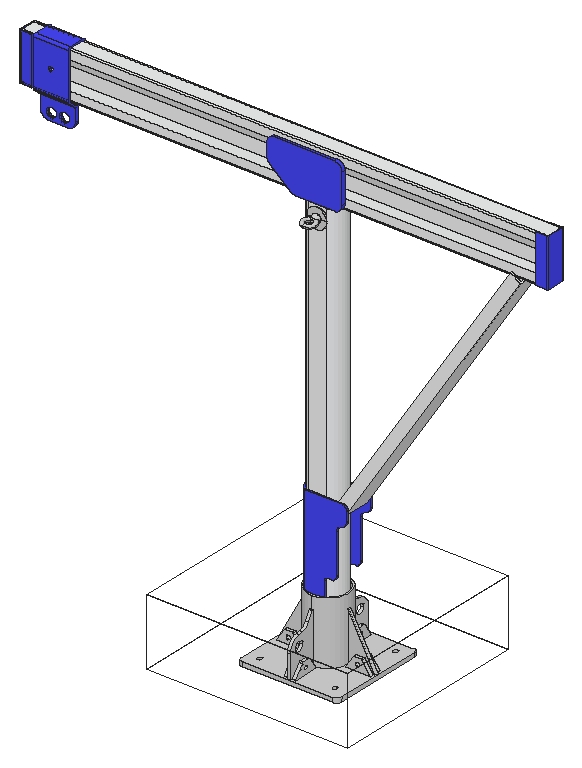
Revit family "FallProtection_DavitBase_Kattsafe_FloorMount_AdhesiveFixed_LowProfile", category Specialty Equipment, Revit 2025
Family settings
  Round Connector Dimension = Use Diameter
  Part Type = Normal
  OmniClass Number = 23.27.71.21
  Work Plane-Based = No
  Enable Cutting in Views = No
  Always vertical = Yes
  Cut with Voids When Loaded = No
  Maintain Annotation Orientation = No
  Shared = No
  Room Calculation Point = No
Parameters (values of type "1000mm Reach - 1600H (OH510.1600 + OH523 + OH254)")
  Uniclass2015Version = "Products v1.23"
  Uniclass2015Title = "Davit arms"
  Uniclass2015Code = "Pr_40_70_75_21"
  URL = "https://kattsafe.com.au/"
  Type IFC Predefined Type = "USERDEFINED"
  Type Comments = "1000mm Reach - 1600mm Height Clearance - Min. 200mm Slab Req."
  SafetyDisclaimer [instance] = "WARNING! The correct placement of access, fall protection and facade maintenance systems is critical to ensure it is fit-for-purpose and safe for the operator to use. Did you know Kattsafe® have a dedicated team of Height Safety System Design Specialists? Kattsafe® provide one-on-one consultation and system design assistance to ensure you are meeting the stringent requirements of height safety and to give you PEACE OF MIND with your project."  # constant formula
  RightOffset = 907 mm
  RequiredSpace [instance] = yes
  OperationalRangeVis [instance] = yes
  OperationalRangeRadius = 1070 mm
  OperationalRangeOA = 1199 mm
  ModifiedIssue = 20240430
  Model = "OH510.1600 + OH523 + OH254"
  ManufacturerURLProductSpecific = "https://kattsafe.com.au/products/davits-needles/davits"
  ManufacturerSpecCode = Model  # "OH510.1600 + OH523 + OH254"
  ManufacturerOverallWidth = 2106 mm
  ManufacturerOverallHeight = 1850 mm
  ManufacturerOverallDepth = 400 mm
  ManufacturerHeightFromFFL [instance] = 0 mm
  Manufacturer = "Kattsafe®"  # constant formula
  IfcExportType = "USERDEFINED"
  IfcExportAs = "IfcBuildingElementProxy"
  Export Type to IFC As = "IfcBuildingElementProxy"
  ElementType = "Fall Protection"
  Description = "Kattsafe davits are designed as a cantilevered anchorage device over balustrades, parapets and curtain walls for rope access work."  # constant formula
  Default Elevation = 0 mm
  DavitArmVis = yes
  CreatedByURL = "https://igsgroup.com.au"
  CreatedBy = "IGS BIM Solutions"  # constant formula
  BaseMaterial = Steel_Stainless_Kattsafe_Satin
  Assembly Code = "E1090100"
  ArmWidth = 2106 mm
  ArmVerticalOffset [instance] = ManufacturerHeightFromFFL + 50 mm  # 50 mm
  ArmMaterial = Aluminum_Kattsafe_Satin
  ArmHeight = 1800 mm
  ArmBracketMaterial = Steel_PowderCoat_Kattsafe_Blue
Reference planes
  plane 1 "Center (Front/Back)": y = 0
  plane 2 "Ref. Level": z = 0
  plane 3 "Base Centre (Left/Right)": x = 0
  plane 4 "Back": y = 200
  plane 5 "Front": y = -200
  plane 6 "BaseRight": x = 200
  plane 7 "BaseLeft": x = -200
  plane 8 "Bottom": z = 0
  plane 9 "BaseTop": z = 266
  plane 10 "BaseFinTop": z = 216
  plane 11 "BaseFinHoles": z = 116
  plane 12 "Top": z = 1850
  plane 13 "Right": x = 907
  plane 14 "Left": x = -1199
  plane 15 "BaseFinBottom": z = 16
  plane 16 "BaseLockTop": z = 65
  plane 17 "BaseLockCentre": z = 41
Forms (mm)
  Extrusion 1, solid, material "Steel_Stainless_Kattsafe_Satin" <- "BaseMaterial"
    sketch origin (0, 0, 0) x (0, -1, 0) y (1, 0, 0)
      loop
        arc (-200, -180) -> (-194.142, -194.142) -> (-180, -200) r 20
        line (-180, -200) -> (180, -200)
        arc (180, -200) -> (194.142, -194.142) -> (200, -180) r 20
        line (200, -180) -> (200, 180)
        arc (200, 180) -> (194.142, 194.142) -> (180, 200) r 20
        line (180, 200) -> (-180, 200)
        arc (-180, 200) -> (-194.142, 194.142) -> (-200, 180) r 20
        line (-200, 180) -> (-200, -180)
      loop
        circle (150, -150) r 9
      loop
        circle (-150, -150) r 9
      loop
        circle (150, 150) r 9
      loop
        circle (-150, 150) r 9
    from 0 to 16
  Extrusion 2, solid, material "Steel_Stainless_Kattsafe_Satin" <- "BaseMaterial"
    sketch origin (0, 0, 0) x (0, -1, 0) y (1, 0, 0)
      loop
        circle (0, 0) r 77.15
      loop
        circle (0, 0) r 82.55
    from 266 to 16
  Extrusion 3, solid, material "Steel_Stainless_Kattsafe_Satin" <- "BaseMaterial"
    sketch origin (0, 0, 0) x (1, 0, 0) y (0, 0, 1)
      loop
        line (82.55, 216) -> (79.577, 216) -> (79.577, 16) -> (192.5, 16) -> (82.55, 216)
      loop
        circle (137.55, 41) r 9.2
      loop
        line (-82.55, 216) -> (-192.5, 16) -> (-79.577, 16) -> (-79.577, 216) -> (-82.55, 216)
      loop
        circle (-137.55, 41) r 9.2
    from -6 to 6
  Extrusion 4, solid, material "Steel_Stainless_Kattsafe_Satin" <- "BaseMaterial"
    sketch origin (0, 0, 0) x (0, 1, 0) y (0, 0, 1)
      loop
        line (192.768, 16) -> (192.768, 108.211)
        arc (192.768, 108.211) -> (180.504, 141.014) -> (149.727, 157.725) r 50
        line (149.727, 157.725) -> (134.969, 159.799)
        arc (134.969, 159.799) -> (116.068, 167.054) -> (102.26, 181.861) r 45
        line (102.26, 181.861) -> (82.55, 216) -> (79.577, 216) -> (79.577, 16) -> (192.768, 16)
      loop
        line (-192.768, 16) -> (-79.577, 16) -> (-79.577, 216) -> (-82.55, 216) -> (-102.26, 181.861)
        arc (-102.26, 181.861) -> (-116.068, 167.054) -> (-134.969, 159.799) r 45
        line (-134.969, 159.799) -> (-149.727, 157.725)
        arc (-149.727, 157.725) -> (-180.504, 141.014) -> (-192.768, 108.211) r 50
        line (-192.768, 108.211) -> (-192.768, 16)
      loop
        circle (-152, 116) r 20
      loop
        circle (152, 116) r 20
      loop
        circle (-137.55, 41) r 9.2
      loop
        circle (137.55, 41) r 9.2
    from -6 to 6
  Extrusion 5, solid, material "RequiredSpace_Kattsafe", visible <- "RequiredSpace"
    sketch origin (0, 0, 0) x (0, -1, 0) y (1, 0, 0)
      loop
        line (-400, -400) -> (400, -400) -> (400, 400) -> (-400, 400) -> (-400, -400)
    from 0 to 266
  Extrusion 6, solid, material "Steel_Stainless_Kattsafe_Satin" <- "BaseMaterial"
    sketch origin (0, 0, 0) x (1, 0, 0) y (0, 0, 1)
      loop
        line (-154.681, 62.868) -> (-187.498, 16) -> (-87.502, 16) -> (-120.319, 62.868)
        arc (-120.319, 62.868) -> (-122.106, 64.435) -> (-124.415, 65) r 5
        line (-124.415, 65) -> (-150.585, 65)
        arc (-150.585, 65) -> (-152.894, 64.435) -> (-154.681, 62.868) r 5
      loop
        arc (154.681, 62.868) -> (152.894, 64.435) -> (150.585, 65) r 5
        line (150.585, 65) -> (124.415, 65)
        arc (124.415, 65) -> (122.106, 64.435) -> (120.319, 62.868) r 5
        line (120.319, 62.868) -> (87.502, 16) -> (187.498, 16) -> (154.681, 62.868)
      loop
        circle (-137.55, 41) r 9.2
      loop
        circle (137.55, 41) r 9.2
    from 22.5 to 10.5
  Extrusion 7, solid, material "Steel_Stainless_Kattsafe_Satin" <- "BaseMaterial"
    sketch origin (0, 0, 0) x (1, 0, 0) y (0, 0, 1)
      loop
        line (-154.681, 62.868) -> (-187.498, 16) -> (-87.502, 16) -> (-120.319, 62.868)
        arc (-120.319, 62.868) -> (-122.106, 64.435) -> (-124.415, 65) r 5
        line (-124.415, 65) -> (-150.585, 65)
        arc (-150.585, 65) -> (-152.894, 64.435) -> (-154.681, 62.868) r 5
      loop
        arc (154.681, 62.868) -> (152.894, 64.435) -> (150.585, 65) r 5
        line (150.585, 65) -> (124.415, 65)
        arc (124.415, 65) -> (122.106, 64.435) -> (120.319, 62.868) r 5
        line (120.319, 62.868) -> (87.502, 16) -> (187.498, 16) -> (154.681, 62.868)
      loop
        circle (-137.55, 41) r 9.2
      loop
        circle (137.55, 41) r 9.2
    from -22.5 to -10.5
  Extrusion 8, solid, material "Steel_Stainless_Kattsafe_Satin" <- "BaseMaterial"
    sketch origin (0, 0, 0) x (0, 1, 0) y (0, 0, 1)
      loop
        line (-154.681, 62.868) -> (-187.498, 16) -> (-87.502, 16) -> (-120.319, 62.868)
        arc (-120.319, 62.868) -> (-122.106, 64.435) -> (-124.415, 65) r 5
        line (-124.415, 65) -> (-150.585, 65)
        arc (-150.585, 65) -> (-152.894, 64.435) -> (-154.681, 62.868) r 5
      loop
        arc (154.681, 62.868) -> (152.894, 64.435) -> (150.585, 65) r 5
        line (150.585, 65) -> (124.415, 65)
        arc (124.415, 65) -> (122.106, 64.435) -> (120.319, 62.868) r 5
        line (120.319, 62.868) -> (87.502, 16) -> (187.498, 16) -> (154.681, 62.868)
      loop
        circle (-137.55, 41) r 9.2
      loop
        circle (137.55, 41) r 9.2
    from 22.5 to 10
  Extrusion 9, solid, material "Steel_Stainless_Kattsafe_Satin" <- "BaseMaterial"
    sketch origin (0, 0, 0) x (0, 1, 0) y (0, 0, 1)
      loop
        line (-154.681, 62.868) -> (-187.498, 16) -> (-87.502, 16) -> (-120.319, 62.868)
        arc (-120.319, 62.868) -> (-122.106, 64.435) -> (-124.415, 65) r 5
        line (-124.415, 65) -> (-150.585, 65)
        arc (-150.585, 65) -> (-152.894, 64.435) -> (-154.681, 62.868) r 5
      loop
        arc (154.681, 62.868) -> (152.894, 64.435) -> (150.585, 65) r 5
        line (150.585, 65) -> (124.415, 65)
        arc (124.415, 65) -> (122.106, 64.435) -> (120.319, 62.868) r 5
        line (120.319, 62.868) -> (87.502, 16) -> (187.498, 16) -> (154.681, 62.868)
      loop
        circle (-137.55, 41) r 9.2
      loop
        circle (137.55, 41) r 9.2
    from -22.5 to -10
Cuts and joins
  joined: Extrusion 2, Extrusion 3, Extrusion 4
  joined: Extrusion 1, Extrusion 6, Extrusion 7, Extrusion 8, Extrusion 9
Lines and regions (mm)
  Masking region 1
    outline origin (0, 0, 16) x (0, -1, 0) y (1, 0, 0)
      loop
        arc (-200, -180) -> (-194.142, -194.142) -> (-180, -200) r 20
        line (-180, -200) -> (180, -200)
        arc (180, -200) -> (194.142, -194.142) -> (200, -180) r 20
        line (200, -180) -> (200, 180)
        arc (200, 180) -> (194.142, 194.142) -> (180, 200) r 20
        line (180, 200) -> (-180, 200)
        arc (-180, 200) -> (-194.142, 194.142) -> (-200, 180) r 20
        line (-200, 180) -> (-200, -180)
  symbolic lines, style "Required Space", visible <- "RequiredSpace"
    curve 1: line (-400, 400, 0) -> (400, 400, 0)
    curve 2: line (400, 400, 0) -> (400, 50, 0)
    curve 3: line (-400, -400, 0) -> (400, -400, 0)
    curve 4: line (400, -400, 0) -> (400, -50, 0)
    curve 5: line (-400, -400, 0) -> (-400, -35, 0)
    curve 6: line (-400, 400, 0) -> (-400, 35, 0)
    curve 7: line (-400, 0, 266) -> (400, 0, 266)
    curve 8: line (-400, 0, 0) -> (-400, 0, 266)
    curve 9: line (400, 0, 0) -> (-400, 0, 0)
    curve 10: line (400, 0, 266) -> (400, 0, 0)
    curve 11: line (0, 400, 266) -> (0, -400, 266)
    curve 12: line (0, 400, 0) -> (0, 400, 266)
    curve 13: line (0, -400, 0) -> (0, 400, 0)
    curve 14: line (0, -400, 266) -> (0, -400, 0)
  symbolic lines, style "Fall Arrest Systems", detail levels fine
    curve 15: circle (0, 0, 16) r 77.15 normal (0, 0, 1)
    curve 20: line (10, -187.498, 16) -> (10, -87.502, 16)
    curve 21: line (22.5, -187.498, 16) -> (22.5, -87.502, 16)
    curve 22: line (10, -187.498, 16) -> (22.5, -187.498, 16)
    curve 23: line (-10, -187.498, 16) -> (-10, -87.502, 16)
    curve 24: line (-22.5, -187.498, 16) -> (-22.5, -87.502, 16)
    curve 25: line (-10, -187.498, 16) -> (-22.5, -187.498, 16)
    curve 26: circle (-150, -150, 16) r 9 normal (0, 0, -1)
    curve 27: circle (150, -150, 16) r 9 normal (0, 0, 1)
    curve 28: circle (-150, 150, 16) r 9 normal (0, 0, 1)
    curve 29: circle (150, 150, 16) r 9 normal (0, 0, -1)
    curve 30: line (10, -87.502, 16) -> (22.5, -87.502, 16)
    curve 31: line (-10, -87.502, 16) -> (-22.5, -87.502, 16)
    curve 35: line (10, 187.498, 16) -> (10, 87.502, 16)
    curve 36: line (22.5, 187.498, 16) -> (22.5, 87.502, 16)
    curve 37: line (10, 187.498, 16) -> (22.5, 187.498, 16)
    curve 38: line (-10, 187.498, 16) -> (-10, 87.502, 16)
    curve 39: line (-22.5, 187.498, 16) -> (-22.5, 87.502, 16)
    curve 40: line (-10, 187.498, 16) -> (-22.5, 187.498, 16)
    curve 41: line (10, 87.502, 16) -> (22.5, 87.502, 16)
    curve 42: line (-10, 87.502, 16) -> (-22.5, 87.502, 16)
    curve 46: line (187.498, -10, 16) -> (87.502, -10, 16)
    curve 47: line (187.498, -22.5, 16) -> (87.502, -22.5, 16)
    curve 48: line (187.498, -10, 16) -> (187.498, -22.5, 16)
    curve 49: line (187.498, 10, 16) -> (87.502, 10, 16)
    curve 50: line (187.498, 22.5, 16) -> (87.502, 22.5, 16)
    curve 51: line (187.498, 10, 16) -> (187.498, 22.5, 16)
    curve 52: line (87.502, -10, 16) -> (87.502, -22.5, 16)
    curve 53: line (87.502, 10, 16) -> (87.502, 22.5, 16)
    curve 57: line (-187.498, -10, 16) -> (-87.502, -10, 16)
    curve 58: line (-187.498, -22.5, 16) -> (-87.502, -22.5, 16)
    curve 59: line (-187.498, -10, 16) -> (-187.498, -22.5, 16)
    curve 60: line (-187.498, 10, 16) -> (-87.502, 10, 16)
    curve 61: line (-187.498, 22.5, 16) -> (-87.502, 22.5, 16)
    curve 62: line (-187.498, 10, 16) -> (-187.498, 22.5, 16)
    curve 63: line (-87.502, -10, 16) -> (-87.502, -22.5, 16)
    curve 64: line (-87.502, 10, 16) -> (-87.502, 22.5, 16)
  symbolic lines, style "Fall Arrest Systems", detail levels medium+fine
    curve 16: circle (0, 0, 16) r 82.55 normal (0, 0, 1)
    curve 17: line (-6, -192.768, 16) -> (6, -192.768, 16)
    curve 18: line (6, -192.768, 16) -> (6, -82.332, 16)
    curve 19: line (-6, -82.332, 16) -> (-6, -192.768, 16)
    curve 32: line (-6, 192.768, 16) -> (6, 192.768, 16)
    curve 33: line (6, 192.768, 16) -> (6, 82.332, 16)
    curve 34: line (-6, 82.332, 16) -> (-6, 192.768, 16)
    curve 43: line (192.768, 6, 16) -> (192.768, -6, 16)
    curve 44: line (192.768, -6, 16) -> (82.332, -6, 16)
    curve 45: line (82.332, 6, 16) -> (192.768, 6, 16)
    curve 54: line (-192.768, 6, 16) -> (-192.768, -6, 16)
    curve 55: line (-192.768, -6, 16) -> (-82.332, -6, 16)
    curve 56: line (-82.332, 6, 16) -> (-192.768, 6, 16)
Text (mm)
  text "Disclaimer:\nDue to ongoing product development and manufacturing \nevolution, product details are subject to change without \nnotice. Please refer to product technical data sheets on \nthe manufacturers website for the most current product \ninformation. Please allow a +/- 5mm manufacturing \ntolerance for dimensions and set-outs shown in product \nliterature." at (1573.542, 159.228, 0), in view "Ref. Level"
Dimensions and locks
  equal spacing: plane 7 "BaseLeft", plane 3 "Base Centre (Left/Right)", plane 6 "BaseRight"
  equal spacing: plane 5 "Front", plane 1 "Center (Front/Back)", plane 4 "Back"
  "ManufacturerOverallDepth": plane 5 "Front" to plane 4 "Back"
  "ManufacturerHeightFromFFL": plane 8 "Bottom" to plane 2 "Ref. Level"
  locked: plane 9 "BaseTop" to plane 8 "Bottom" at 266
  "ManufacturerOverallHeight": plane 12 "Top" to plane 8 "Bottom"
  locked: plane 11 "BaseFinHoles" to plane 8 "Bottom" at 116
  locked: plane 10 "BaseFinTop" to plane 11 "BaseFinHoles" at 100
  "ManufacturerOverallWidth": plane 14 "Left" to plane 13 "Right"
  "RightOffset": plane 3 "Base Centre (Left/Right)" to plane 13 "Right"
  plane 7 "BaseLeft" to plane 6 "BaseRight" = 400 mm
  locked: plane 15 "BaseFinBottom" to plane 8 "Bottom" at 16
  locked: plane 16 "BaseLockTop" to plane 15 "BaseFinBottom" at 49
  locked: plane 16 "BaseLockTop" to plane 17 "BaseLockCentre" at 24
  aligned and locked: level to plane 2 "Ref. Level"
  aligned and locked: Extrusion 3 sketch curve to plane 10 "BaseFinTop"
  aligned and locked: plane 11 "BaseFinHoles" to Extrusion 4 sketch curve
  aligned and locked: Extrusion 2 to plane 9 "BaseTop"
  aligned and locked: curve 9 to plane 8 "Bottom"
  aligned and locked: plane 8 "Bottom" to Extrusion 5
  aligned and locked: Extrusion 5 to plane 9 "BaseTop"
  aligned and locked: plane 9 "BaseTop" to curve 7
  aligned and locked: plane 9 "BaseTop" to curve 11
  aligned and locked: Extrusion 6 sketch curve to plane 15 "BaseFinBottom"
  aligned and locked: plane 15 "BaseFinBottom" to Extrusion 6 sketch curve
  aligned and locked: plane 16 "BaseLockTop" to Extrusion 6 sketch curve
  aligned and locked: Extrusion 6 sketch curve to plane 16 "BaseLockTop"
  aligned and locked: Extrusion 7 sketch curve to plane 15 "BaseFinBottom"
  aligned and locked: plane 15 "BaseFinBottom" to Extrusion 7 sketch curve
  aligned and locked: plane 16 "BaseLockTop" to Extrusion 7 sketch curve
  aligned and locked: Extrusion 7 sketch curve to plane 16 "BaseLockTop"
  aligned and locked: Extrusion 4 sketch curve to plane 15 "BaseFinBottom"
  aligned and locked: plane 15 "BaseFinBottom" to Extrusion 4 sketch curve
  aligned and locked: Extrusion 8 sketch curve to plane 15 "BaseFinBottom"
  aligned and locked: plane 15 "BaseFinBottom" to Extrusion 8 sketch curve
  aligned and locked: Extrusion 8 sketch curve to plane 16 "BaseLockTop"
  aligned and locked: plane 16 "BaseLockTop" to Extrusion 8 sketch curve
  aligned and locked: Extrusion 9 sketch curve to plane 15 "BaseFinBottom"
  aligned and locked: Extrusion 9 sketch curve to plane 16 "BaseLockTop"
  aligned and locked: plane 15 "BaseFinBottom" to Extrusion 9 sketch curve
  aligned and locked: plane 16 "BaseLockTop" to Extrusion 9 sketch curve
  aligned and locked: plane 8 "Bottom" to curve 13
  aligned and locked: plane 17 "BaseLockCentre" to Extrusion 4 sketch curve  (x2)
Automatic sketch dimensions
  plane 5 "Front" to curve 11 = 200 mm
  curve 13 to plane 4 "Back" = 200 mm
  curve 9 to plane 7 "BaseLeft" = 200 mm
  plane 6 "BaseRight" to curve 9 = 200 mm
  plane 4 "Back" to Extrusion 1 sketch curve = 0 mm
  Extrusion 1 sketch curve to plane 7 "BaseLeft" = 0 mm
  Extrusion 1 sketch curve to plane 6 "BaseRight" = 0 mm
  plane 5 "Front" to Extrusion 1 sketch curve = 0 mm
  plane 4 "Back" to Extrusion 1 sketch curve = 20 mm  (x2)
  Extrusion 1 sketch curve to Extrusion 1 sketch curve = 30 mm  (x6)
  Extrusion 1 sketch curve to plane 5 "Front" = 50 mm  (x2)
  Extrusion 1 sketch curve to plane 5 "Front" = 20 mm  (x2)
  Extrusion 2 sketch curve to Extrusion 2 sketch curve = 0 mm  (x2)
  plane 1 "Center (Front/Back)" to Extrusion 2 sketch curve = 0 mm
  Extrusion 2 sketch curve to plane 3 "Base Centre (Left/Right)" = 0 mm
  Extrusion 5 sketch curve to plane 4 "Back" = 200 mm
  plane 5 "Front" to Extrusion 5 sketch curve = 200 mm
  Extrusion 5 sketch curve to plane 7 "BaseLeft" = 200 mm
  plane 6 "BaseRight" to Extrusion 5 sketch curve = 200 mm
  plane 7 "BaseLeft" to Extrusion 6 sketch curve = 12.502 mm
  plane 7 "BaseLeft" to Extrusion 6 sketch curve = 45.319 mm
  Extrusion 6 sketch curve to Extrusion 6 sketch curve = 4.096 mm  (x4)
  Extrusion 6 sketch curve to Extrusion 6 sketch curve = 13.035 mm
  Extrusion 6 sketch curve to Extrusion 6 sketch curve = 26.17 mm  (x2)
  Extrusion 6 sketch curve to Extrusion 6 sketch curve = 50.048 mm
  plane 3 "Base Centre (Left/Right)" to Extrusion 6 sketch curve = 87.502 mm
  Extrusion 6 sketch curve to Extrusion 6 sketch curve = 32.817 mm
  Extrusion 6 sketch curve to Extrusion 6 sketch curve = 13.135 mm
  Extrusion 6 sketch curve to plane 6 "BaseRight" = 12.502 mm
  Extrusion 6 sketch curve to Extrusion 6 sketch curve = 19 mm  (x4)
  Extrusion 6 sketch curve to Extrusion 6 sketch curve = 2.868 mm  (x2)
  plane 7 "BaseLeft" to Extrusion 7 sketch curve = 12.502 mm
  plane 7 "BaseLeft" to Extrusion 7 sketch curve = 45.319 mm
  Extrusion 7 sketch curve to Extrusion 7 sketch curve = 4.096 mm  (x4)
  Extrusion 7 sketch curve to Extrusion 7 sketch curve = 13.035 mm
  Extrusion 7 sketch curve to Extrusion 7 sketch curve = 26.17 mm  (x2)
  Extrusion 7 sketch curve to Extrusion 7 sketch curve = 50.048 mm
  plane 3 "Base Centre (Left/Right)" to Extrusion 7 sketch curve = 87.502 mm
  Extrusion 7 sketch curve to Extrusion 7 sketch curve = 32.817 mm
  Extrusion 7 sketch curve to Extrusion 7 sketch curve = 13.135 mm
  Extrusion 7 sketch curve to plane 6 "BaseRight" = 12.502 mm
  Extrusion 7 sketch curve to Extrusion 7 sketch curve = 19 mm  (x4)
  Extrusion 7 sketch curve to Extrusion 7 sketch curve = 2.868 mm  (x2)
  Extrusion 8 sketch curve to plane 5 "Front" = 12.502 mm
  Extrusion 8 sketch curve to plane 5 "Front" = 45.319 mm
  Extrusion 8 sketch curve to Extrusion 8 sketch curve = 4.096 mm  (x4)
  Extrusion 8 sketch curve to Extrusion 8 sketch curve = 13.035 mm
  Extrusion 8 sketch curve to Extrusion 8 sketch curve = 26.17 mm  (x2)
  Extrusion 8 sketch curve to Extrusion 8 sketch curve = 50.048 mm
  Extrusion 8 sketch curve to plane 1 "Center (Front/Back)" = 87.502 mm
  Extrusion 8 sketch curve to Extrusion 8 sketch curve = 32.817 mm
  Extrusion 8 sketch curve to Extrusion 8 sketch curve = 13.135 mm
  plane 4 "Back" to Extrusion 8 sketch curve = 12.502 mm
  Extrusion 8 sketch curve to Extrusion 8 sketch curve = 19 mm  (x4)
  Extrusion 8 sketch curve to Extrusion 8 sketch curve = 2.868 mm  (x2)
  Extrusion 9 sketch curve to plane 5 "Front" = 12.502 mm
  Extrusion 9 sketch curve to plane 5 "Front" = 45.319 mm
  Extrusion 9 sketch curve to Extrusion 9 sketch curve = 4.096 mm  (x4)
  Extrusion 9 sketch curve to Extrusion 9 sketch curve = 13.035 mm
  Extrusion 9 sketch curve to Extrusion 9 sketch curve = 26.17 mm  (x2)
  Extrusion 9 sketch curve to Extrusion 9 sketch curve = 50.048 mm
  Extrusion 9 sketch curve to plane 1 "Center (Front/Back)" = 87.502 mm
  Extrusion 9 sketch curve to Extrusion 9 sketch curve = 32.817 mm
  Extrusion 9 sketch curve to Extrusion 9 sketch curve = 13.135 mm
  plane 4 "Back" to Extrusion 9 sketch curve = 12.502 mm
  Extrusion 9 sketch curve to Extrusion 9 sketch curve = 19 mm  (x4)
  Extrusion 9 sketch curve to Extrusion 9 sketch curve = 2.868 mm  (x2)
  plane 10 "BaseFinTop" to Extrusion 4 sketch curve = 0 mm  (x2)
  plane 11 "BaseFinHoles" to Extrusion 4 sketch curve = 0 mm
  Extrusion 4 sketch curve to plane 5 "Front" = 7.232 mm
  Extrusion 4 sketch curve to Extrusion 4 sketch curve = 40.768 mm
  Extrusion 4 sketch curve to Extrusion 4 sketch curve = 2.273 mm
  Extrusion 4 sketch curve to Extrusion 4 sketch curve = 9.232 mm  (x2)
  plane 10 "BaseFinTop" to Extrusion 4 sketch curve = 11.639 mm  (x2)
  Extrusion 4 sketch curve to Extrusion 4 sketch curve = 8.496 mm
  Extrusion 4 sketch curve to Extrusion 4 sketch curve = 55.218 mm
  Extrusion 4 sketch curve to Extrusion 4 sketch curve = 14.758 mm  (x2)
  plane 10 "BaseFinTop" to Extrusion 4 sketch curve = 34.139 mm  (x2)
  Extrusion 4 sketch curve to Extrusion 4 sketch curve = 32.708 mm  (x2)
  Extrusion 4 sketch curve to Extrusion 4 sketch curve = 19.71 mm  (x2)
  Extrusion 4 sketch curve to Extrusion 4 sketch curve = 2.973 mm  (x2)
  Extrusion 4 sketch curve to plane 1 "Center (Front/Back)" = 79.577 mm
  plane 4 "Back" to Extrusion 4 sketch curve = 62.45 mm
  Extrusion 4 sketch curve to Extrusion 4 sketch curve = 6.263 mm
  plane 11 "BaseFinHoles" to Extrusion 4 sketch curve = 7.789 mm  (x2)
  Extrusion 4 sketch curve to Extrusion 4 sketch curve = 7.8 mm
  plane 4 "Back" to Extrusion 4 sketch curve = 7.232 mm
  Extrusion 3 sketch curve to plane 15 "BaseFinBottom" = 0 mm  (x3)
  Extrusion 3 sketch curve to plane 10 "BaseFinTop" = 0 mm
  plane 7 "BaseLeft" to Extrusion 3 sketch curve = 7.5 mm
  plane 16 "BaseLockTop" to Extrusion 3 sketch curve = 24 mm  (x2)
  Extrusion 3 sketch curve to Extrusion 3 sketch curve = 54.95 mm
  Extrusion 3 sketch curve to plane 3 "Base Centre (Left/Right)" = 82.55 mm
  Extrusion 3 sketch curve to Extrusion 3 sketch curve = 57.973 mm
  plane 3 "Base Centre (Left/Right)" to Extrusion 3 sketch curve = 79.577 mm
  Extrusion 3 sketch curve to Extrusion 3 sketch curve = 2.973 mm
  Extrusion 3 sketch curve to plane 6 "BaseRight" = 62.45 mm
  Extrusion 3 sketch curve to plane 6 "BaseRight" = 7.5 mm
  Extrusion 3 sketch curve to Extrusion 3 sketch curve = 0 mm
  curve 6 to plane 4 "Back" = 200 mm
  plane 5 "Front" to curve 5 = 200 mm
  curve 3 to plane 7 "BaseLeft" = 200 mm
  curve 6 to plane 7 "BaseLeft" = 200 mm
  plane 6 "BaseRight" to curve 2 = 200 mm
  plane 6 "BaseRight" to curve 3 = 200 mm
  curve 6 to plane 1 "Center (Front/Back)" = 35 mm
  curve 2 to plane 1 "Center (Front/Back)" = 50 mm
  plane 1 "Center (Front/Back)" to curve 5 = 35 mm
  plane 1 "Center (Front/Back)" to curve 4 = 50 mm
  curve 15 to curve 16 = 0 mm  (x2)
  plane 1 "Center (Front/Back)" to curve 16 = 0 mm
  curve 16 to plane 3 "Base Centre (Left/Right)" = 0 mm
  curve 43 to plane 1 "Center (Front/Back)" = 6 mm
  curve 54 to plane 1 "Center (Front/Back)" = 6 mm
  curve 53 to curve 45 = 4 mm
  curve 60 to curve 54 = 4 mm
  curve 50 to curve 49 = 12.5 mm
  curve 64 to curve 60 = 12.5 mm
  plane 3 "Base Centre (Left/Right)" to curve 41 = 22.5 mm
  curve 41 to plane 1 "Center (Front/Back)" = 87.502 mm
  curve 42 to curve 35 = 0 mm
  plane 4 "Back" to curve 28 = 50 mm
  plane 4 "Back" to curve 29 = 50 mm
  plane 4 "Back" to curve 40 = 12.502 mm
  plane 4 "Back" to curve 37 = 12.502 mm
  curve 34 to curve 38 = 5.27 mm
  plane 1 "Center (Front/Back)" to curve 54 = 6 mm
  plane 1 "Center (Front/Back)" to curve 43 = 6 mm
  curve 55 to curve 63 = 4 mm
  curve 43 to curve 46 = 4 mm
  curve 46 to curve 48 = 12.5 mm
  curve 57 to curve 59 = 12.5 mm
  curve 23 to plane 3 "Base Centre (Left/Right)" = 10 mm
  plane 1 "Center (Front/Back)" to curve 23 = 87.502 mm
  plane 3 "Base Centre (Left/Right)" to curve 30 = 10 mm
  curve 23 to curve 30 = 0 mm
  curve 26 to plane 5 "Front" = 50 mm
  curve 27 to plane 5 "Front" = 50 mm
  curve 21 to plane 5 "Front" = 12.502 mm
  curve 24 to plane 5 "Front" = 12.502 mm
  curve 23 to curve 19 = 5.27 mm
  curve 25 to curve 23 = 12.5 mm
  curve 39 to plane 3 "Base Centre (Left/Right)" = 22.5 mm
  curve 61 to plane 3 "Base Centre (Left/Right)" = 87.502 mm
  curve 63 to curve 60 = 0 mm
  plane 7 "BaseLeft" to curve 26 = 50 mm
  plane 7 "BaseLeft" to curve 28 = 50 mm
  plane 7 "BaseLeft" to curve 59 = 12.502 mm
  plane 7 "BaseLeft" to curve 61 = 12.502 mm
  curve 56 to curve 60 = 5.27 mm
  curve 40 to plane 3 "Base Centre (Left/Right)" = 10 mm
  curve 17 to plane 3 "Base Centre (Left/Right)" = 6 mm
  curve 32 to plane 3 "Base Centre (Left/Right)" = 6 mm
  plane 3 "Base Centre (Left/Right)" to curve 32 = 6 mm
  plane 3 "Base Centre (Left/Right)" to curve 17 = 6 mm
  curve 32 to curve 35 = 4 mm
  curve 20 to curve 21 = 12.5 mm
  plane 3 "Base Centre (Left/Right)" to curve 52 = 87.502 mm
  curve 53 to curve 46 = 0 mm
  curve 27 to plane 6 "BaseRight" = 50 mm
  curve 29 to plane 6 "BaseRight" = 50 mm
  curve 49 to plane 6 "BaseRight" = 12.502 mm
  curve 48 to plane 6 "BaseRight" = 12.502 mm
  curve 46 to curve 43 = 5.27 mm
  curve 35 to curve 33 = 5.17 mm
  plane 4 "Back" to Masking region 1 sketch curve = 0 mm
  Masking region 1 sketch curve to plane 7 "BaseLeft" = 0 mm
  Masking region 1 sketch curve to plane 6 "BaseRight" = 0 mm
  plane 5 "Front" to Masking region 1 sketch curve = 0 mm
  plane 4 "Back" to Masking region 1 sketch curve = 20 mm  (x2)
  Masking region 1 sketch curve to plane 5 "Front" = 20 mm
  Masking region 1 sketch curve to Masking region 1 sketch curve = 20 mm
  radius of Extrusion 1 sketch curve = 9 mm  (x4)
  radius of Extrusion 2 sketch curve = 77.15 mm
  radius of Extrusion 2 sketch curve = 82.55 mm
  radius of Extrusion 6 sketch curve = 9.2 mm  (x2)
  radius of Extrusion 7 sketch curve = 9.2 mm  (x2)
  radius of Extrusion 8 sketch curve = 9.2 mm  (x2)
  radius of Extrusion 9 sketch curve = 9.2 mm  (x2)
  radius of Extrusion 4 sketch curve = 20 mm  (x2)
  radius of Extrusion 4 sketch curve = 9.2 mm  (x2)
  radius of Extrusion 3 sketch curve = 9.2 mm  (x2)
  radius of curve 15 = 77.15 mm
  radius of curve 26 = 9 mm
  radius of curve 27 = 9 mm
  radius of curve 28 = 9 mm
  radius of curve 29 = 9 mm
Nested families
  nested 1: "Ropeaccess_Davitarm_Kattsafe" at (607, 0, 50), visible <- "DavitArmVis", built-in parameter 1001364 <- "ArmVerticalOffset", ManufacturerOverallHeight <- "ArmHeight", ManufacturerOverallWidth <- "ArmWidth", type "Type 1"
    with ManufacturerOverallWidth 2106 mm, ManufacturerOverallHeight 1800 mm, ManufacturerHeightFromFFL 0 mm
  nested 2: "OperationalReach_DavitArm_Kattsafe" at (0, 0, 0) x (-0.7071, -0.7071, 0) z (0, 0, -1), OperationalReach <- "OperationalRangeOA", visible <- "OperationalRangeVis", CircleRadius <- "OperationalRangeRadius", type "Type 1"
    with OperationalReach 1199 mm, CircleVis yes, CircleRadius 1070 mm
  nested 3: "OperationalReach_DavitArm_Kattsafe" at (0, 0, 0) x (0.7071, -0.7071, 0) z (0, 0, -1), OperationalReach <- "OperationalRangeOA", visible <- "OperationalRangeVis", CircleRadius <- "OperationalRangeOA", type "Type 1"
    with OperationalReach 1199 mm, CircleVis no, CircleRadius 1199 mm
  nested 4: "OperationalReach_DavitArm_Kattsafe" at (0, 0, 0) x (-1, 0, 0) z (0, 0, -1), OperationalReach <- "OperationalRangeOA", visible <- "OperationalRangeVis", CircleRadius <- "OperationalRangeOA", type "Type 1"
    with OperationalReach 1199 mm, CircleVis no, CircleRadius 1199 mm
  nested 5: "OperationalReach_DavitArm_Kattsafe" at (0, 0, 0) x (-0.7071, 0.7071, 0) z (0, 0, -1), OperationalReach <- "OperationalRangeOA", visible <- "OperationalRangeVis", CircleRadius <- "OperationalRangeOA", type "Type 1"
    with OperationalReach 1199 mm, CircleVis no, CircleRadius 1199 mm
  nested 6: "OperationalReach_DavitArm_Kattsafe" at (0, 0, 0) x (0, 1, 0) z (0, 0, -1), OperationalReach <- "OperationalRangeOA", visible <- "OperationalRangeVis", CircleRadius <- "OperationalRangeOA", type "Type 1"
    with OperationalReach 1199 mm, CircleVis no, CircleRadius 1199 mm
  nested 7: "OperationalReach_DavitArm_Kattsafe" at (0, 0, 0) x (0.7071, 0.7071, 0) z (0, 0, -1), OperationalReach <- "OperationalRangeOA", visible <- "OperationalRangeVis", CircleRadius <- "OperationalRangeOA", type "Type 1"
    with OperationalReach 1199 mm, CircleVis no, CircleRadius 1199 mm
  nested 8: "OperationalReach_DavitArm_Kattsafe" at (0, 0, 0) x (1, 0, 0) z (0, 0, -1), OperationalReach <- "OperationalRangeOA", visible <- "OperationalRangeVis", CircleRadius <- "OperationalRangeOA", type "Type 1"
    with OperationalReach 1199 mm, CircleVis no, CircleRadius 1199 mm
Definition of nested family "Ropeaccess_Davitarm_Kattsafe"
  Parameters (values of type "Type 1")
    Uniclass2015Version = "Products v1.20"
    Uniclass2015Title = "Davit arms"
    Uniclass2015Code = "Pr_40_70_75_21"
    URL = "https://kattsafe.com.au/"
    Type IFC Predefined Type = "NOTDEFINED\r\nq"
    Type Comments = ""
    ModifiedIssue = 20210726
    Model = ""
    ManufacturerURLProductSpecific = ""
    ManufacturerSpecCode = Model  # ""
    ManufacturerOverallWidth [instance] = 2106 mm
    ManufacturerOverallHeight [instance] = 1805 mm
    ManufacturerOverallDepth = 246.6 mm
    ManufacturerHeightFromFFL [instance] = 0 mm
    Manufacturer = "Sayfa"  # constant formula
    IfcExportType = "NOTDEFINED\r\nq"
    IfcExportAs = "IfcElementComponentType"
    FixingMaterials = none
    Export Type to IFC As = "IfcElementComponentType"
    Description = "A Proprietary Facade Rope Access System Providing Access Over Non\r\nLoad-bearing Parapets, Balustrades And Curtain Walls"
    Default Elevation = 0 mm
    CreatedByURL = "https://igsgroup.com.au"
    CreatedBy = "IGS BIM Solutions"  # constant formula
    BracketMaterial = none
    ArmMaterial = none
  Reference planes
    plane 1 "Centre (Front/Back)": y = 0
    plane 2 "Ref. Level": z = 0
    plane 3 "MastCentre": x = -607
    plane 4 "Back": y = 123.3
    plane 5 "Front": y = -123.3
    plane 6 "Right": x = 300
    plane 7 "Left": x = -1806
    plane 8 "Bottom": z = 0
    plane 9 "Centre (Elevation)": z = 902.5
    plane 10 "Top": z = 1805
    plane 11 "BaseTop": z = 570
    plane 12 "BraceBottomPivot": z = 540
    plane 13 "ArmTop": z = 1800
    plane 14 "ArmBack": y = 35
    plane 15 "ArmFront": y = -35
    plane 16 "ArmBottom": z = 1610
    plane 17 "ArmLeft": x = -1803
    plane 18 "ArmRight": x = 297
    plane 19 "RiggingAnchor": x = -1677
    plane 20 "BraceTopPivot": z = 1630.005
    plane 21 "ArmBracePivot": x = 187
    plane 22 "ArmCentre_Elevation": z = 1705
    plane 23 "MastJoinTop": z = 1780
    plane 24 "MastJoinBottom": z = 1600
    plane 25 "MastJoinRight": x = -512
    plane 26 "MastJoinLeft": x = -812
    plane 27 "MastFront": y = -56.8
    plane 28 "MastBack": y = 56.8
    plane 29 "BraceTop": z = 1616.005
    plane 30 "BracketCentre": z = 1555
    plane 31 "BracketFrontCentre": y = -94
    plane 32 "BracketBackCentre": y = 94
  Forms (mm)
    Extrusion 1, solid, material <- "ArmMaterial"
      sketch origin (297, 0, 0) x (0, 1, 0) y (0, 0, 1)
        loop
          arc (30, 1610) -> (33.536, 1611.464) -> (35, 1615) r 5
          line (35, 1615) -> (35, 1650) -> (25, 1678) -> (25, 1732) -> (35, 1760) -> (35, 1795)
          arc (35, 1795) -> (33.536, 1798.536) -> (30, 1800) r 5
          line (30, 1800) -> (-30, 1800)
          arc (-30, 1800) -> (-33.536, 1798.536) -> (-35, 1795) r 5
          line (-35, 1795) -> (-35, 1760) -> (-25, 1732) -> (-25, 1678) -> (-35, 1650) -> (-35, 1615)
          arc (-35, 1615) -> (-33.536, 1611.464) -> (-30, 1610) r 5
          line (-30, 1610) -> (30, 1610)
      from -2100 to 0
    Extrusion 2, solid, material <- "BracketMaterial"
      sketch origin (0, 0, 1800) x (0, -1, 0) y (1, 0, 0)
        loop
          arc (34, -1806) -> (36.828, -1804.828) -> (38, -1802) r 4
          line (38, -1802) -> (38, -1756) -> (35, -1756) -> (35, -1802)
          arc (35, -1802) -> (34.707, -1802.707) -> (34, -1803) r 1
          line (34, -1803) -> (-34, -1803)
          arc (-34, -1803) -> (-34.707, -1802.707) -> (-35, -1802) r 1
          line (-35, -1802) -> (-35, -1756) -> (-38, -1756) -> (-38, -1802)
          arc (-38, -1802) -> (-36.828, -1804.828) -> (-34, -1806) r 4
          line (-34, -1806) -> (34, -1806)
        loop
          line (34, 300) -> (-34, 300)
          arc (-34, 300) -> (-36.828, 298.828) -> (-38, 296) r 4
          line (-38, 296) -> (-38, 250) -> (-35, 250) -> (-35, 296)
          arc (-35, 296) -> (-34.707, 296.707) -> (-34, 297) r 1
          line (-34, 297) -> (34, 297)
          arc (34, 297) -> (34.707, 296.707) -> (35, 296) r 1
          line (35, 296) -> (35, 250) -> (38, 250) -> (38, 296)
          arc (38, 296) -> (36.828, 298.828) -> (34, 300) r 4
      from 0 to -190
    Extrusion 3, solid, material <- "ArmMaterial"
      sketch origin (0, 0, 0) x (0, -1, 0) y (1, 0, 0)
        loop
          line (56.8, -647) -> (51.8, -647) -> (51.8, -567) -> (56.8, -567)
          arc (56.8, -567) -> (0, -537) -> (-56.8, -567) r 68.771
          line (-56.8, -567) -> (-51.8, -567) -> (-51.8, -647) -> (-56.8, -647)
          arc (-56.8, -647) -> (0, -677) -> (56.8, -647) r 68.771
      from 0 to 1600
    Extrusion 4, solid, material <- "BracketMaterial"
      sketch origin (0, -35, 0) x (1, 0, 0) y (0, 0, 1)
        loop
          line (-542, 1780) -> (-782, 1780)
          arc (-782, 1780) -> (-803.213, 1771.213) -> (-812, 1750) r 30
          line (-812, 1750) -> (-812, 1701.256)
          arc (-812, 1701.256) -> (-809.189, 1688.577) -> (-801.284, 1678.274) r 30
          line (-801.284, 1678.274) -> (-716.365, 1607.019)
          arc (-716.365, 1607.019) -> (-707.341, 1601.809) -> (-697.081, 1600) r 30
          line (-697.081, 1600) -> (-542, 1600)
          arc (-542, 1600) -> (-520.787, 1608.787) -> (-512, 1630) r 30
          line (-512, 1630) -> (-512, 1750)
          arc (-512, 1750) -> (-520.787, 1771.213) -> (-542, 1780) r 30
      from 0 to 12.508
    Extrusion 5, solid, material <- "BracketMaterial"
      sketch origin (0, 35, 0) x (1, 0, 0) y (0, 0, 1)
        loop
          line (-542, 1780) -> (-782, 1780)
          arc (-782, 1780) -> (-803.213, 1771.213) -> (-812, 1750) r 30
          line (-812, 1750) -> (-812, 1701.256)
          arc (-812, 1701.256) -> (-809.189, 1688.577) -> (-801.284, 1678.274) r 30
          line (-801.284, 1678.274) -> (-716.365, 1607.019)
          arc (-716.365, 1607.019) -> (-707.341, 1601.809) -> (-697.081, 1600) r 30
          line (-697.081, 1600) -> (-542, 1600)
          arc (-542, 1600) -> (-520.787, 1608.787) -> (-512, 1630) r 30
          line (-512, 1630) -> (-512, 1750)
          arc (-512, 1750) -> (-520.787, 1771.213) -> (-542, 1780) r 30
      from 0 to -12.5
    Extrusion 6, solid, material <- "ArmMaterial"
      sketch origin (0, 0, 1610) x (0, -1, 0) y (1, 0, 0)
        loop
          arc (-35, -667.427) -> (0, -677) -> (35, -667.427) r 68.771
          line (35, -667.427) -> (35, -546.573)
          arc (35, -546.573) -> (0, -537) -> (-35, -546.573) r 68.771
          line (-35, -546.573) -> (-35, -667.427)
      from 0 to -10
    Extrusion 7, solid, material <- "BracketMaterial"
      sketch origin (-1677, 0, 0) x (0, 1, 0) y (0, 0, 1)
        loop
          line (-30, 1800) -> (30, 1800)
          arc (30, 1800) -> (33.536, 1798.536) -> (35, 1795) r 5
          line (35, 1795) -> (35, 1610.432)
          arc (35, 1610.432) -> (34.918, 1610.035) -> (34.686, 1609.704) r 1
          line (34.686, 1609.704) -> (2.386, 1579.277)
          arc (2.386, 1579.277) -> (0.992, 1577.288) -> (0.5, 1574.909) r 6
          line (0.5, 1574.909) -> (0.5, 1495.5) -> (5.5, 1495.5) -> (5.5, 1574.909)
          arc (5.5, 1574.909) -> (5.582, 1575.306) -> (5.814, 1575.637) r 1
          line (5.814, 1575.637) -> (38.114, 1606.064)
          arc (38.114, 1606.064) -> (39.508, 1608.053) -> (40, 1610.432) r 6
          line (40, 1610.432) -> (40, 1795)
          arc (40, 1795) -> (37.071, 1802.071) -> (30, 1805) r 10
          line (30, 1805) -> (-30, 1805)
          arc (-30, 1805) -> (-37.071, 1802.071) -> (-40, 1795) r 10
          line (-40, 1795) -> (-40, 1610.432)
          arc (-40, 1610.432) -> (-39.508, 1608.053) -> (-38.114, 1606.064) r 6
          line (-38.114, 1606.064) -> (-5.814, 1575.637)
          arc (-5.814, 1575.637) -> (-5.582, 1575.306) -> (-5.5, 1574.909) r 1
          line (-5.5, 1574.909) -> (-5.5, 1495.5) -> (-0.5, 1495.5) -> (-0.5, 1574.909)
          arc (-0.5, 1574.909) -> (-0.992, 1577.288) -> (-2.386, 1579.277) r 6
          line (-2.386, 1579.277) -> (-34.686, 1609.704)
          arc (-34.686, 1609.704) -> (-34.918, 1610.035) -> (-35, 1610.432) r 1
          line (-35, 1610.432) -> (-35, 1795)
          arc (-35, 1795) -> (-33.536, 1798.536) -> (-30, 1800) r 5
      from -70 to 70
    Extrusion 8, void
      sketch origin (0, 0, 0) x (1, 0, 0) y (0, 0, 1)
        loop
          line (-1747, 1525.5) -> (-1747, 1495.5) -> (-1717, 1495.5)
          arc (-1717, 1495.5) -> (-1738.213, 1504.287) -> (-1747, 1525.5) r 30
        loop
          arc (-1607, 1525.5) -> (-1615.787, 1504.287) -> (-1637, 1495.5) r 30
          line (-1637, 1495.5) -> (-1607, 1495.5) -> (-1607, 1525.5)
        loop
          circle (-1677, 1705) r 9
        loop
          circle (-1703, 1525.5) r 20
        loop
          circle (-1651, 1525.5) r 20
      from -50 to 50
    Extrusion 9, solid, material <- "BracketMaterial"
      sketch origin (0, -56.8, 0) x (1, 0, 0) y (0, 0, 1)
        loop
          line (-569.5, 0) -> (-569.5, 275)
          arc (-569.5, 275) -> (-566.571, 282.071) -> (-559.5, 285) r 10
          line (-559.5, 285) -> (-542, 285)
          arc (-542, 285) -> (-527.858, 290.858) -> (-522, 305) r 20
          line (-522, 305) -> (-522, 465.214)
          arc (-522, 465.214) -> (-519.143, 475.515) -> (-511.389, 482.873) r 20
          line (-511.389, 482.873) -> (-492.611, 492.858)
          arc (-492.611, 492.858) -> (-484.857, 500.216) -> (-482, 510.517) r 20
          line (-482, 510.517) -> (-482, 550)
          arc (-482, 550) -> (-487.858, 564.142) -> (-502, 570) r 20
          line (-502, 570) -> (-644.5, 570) -> (-644.5, 0) -> (-569.5, 0)
      from 0 to 6
    Extrusion 10, solid, material <- "BracketMaterial"
      sketch origin (0, 56.8, 0) x (1, 0, 0) y (0, 0, -1)
        loop
          line (-569.5, 0) -> (-644.5, 0) -> (-644.5, -570) -> (-502, -570)
          arc (-502, -570) -> (-487.858, -564.142) -> (-482, -550) r 20
          line (-482, -550) -> (-482, -510.517)
          arc (-482, -510.517) -> (-484.857, -500.216) -> (-492.611, -492.858) r 20
          line (-492.611, -492.858) -> (-511.389, -482.873)
          arc (-511.389, -482.873) -> (-519.143, -475.515) -> (-522, -465.214) r 20
          line (-522, -465.214) -> (-522, -305)
          arc (-522, -305) -> (-527.858, -290.858) -> (-542, -285) r 20
          line (-542, -285) -> (-559.5, -285)
          arc (-559.5, -285) -> (-566.571, -282.071) -> (-569.5, -275) r 10
          line (-569.5, -275) -> (-569.5, 0)
      from 0 to 6
    Extrusion 11, solid, material <- "BracketMaterial"
      sketch origin (0, 0, 0) x (0, -1, 0) y (1, 0, 0)
        loop
          line (-62.8, -569.5) -> (-56.8, -569.5) -> (-56.8, -567)
          arc (-56.8, -567) -> (0, -537) -> (56.8, -567) r 68.771
          line (56.8, -567) -> (56.8, -569.5) -> (62.8, -569.5) -> (62.8, -565.784)
          arc (62.8, -565.784) -> (62.716, -565.21) -> (62.471, -564.685) r 2
          arc (62.471, -564.685) -> (0, -531) -> (-62.471, -564.685) r 74.771
          arc (-62.471, -564.685) -> (-62.716, -565.21) -> (-62.8, -565.784) r 2
          line (-62.8, -565.784) -> (-62.8, -569.5)
      from 0 to 100
    Extrusion 12, solid, material <- "BracketMaterial"
      sketch origin (0, 0, 570) x (0, -1, 0) y (1, 0, 0)
        loop
          line (-62.8, -644.5) -> (-62.8, -648.216)
          arc (-62.8, -648.216) -> (-62.716, -648.79) -> (-62.471, -649.315) r 2
          arc (-62.471, -649.315) -> (0, -683) -> (62.471, -649.315) r 74.771
          arc (62.471, -649.315) -> (62.716, -648.79) -> (62.8, -648.216) r 2
          line (62.8, -648.216) -> (62.8, -644.5) -> (56.8, -644.5) -> (56.8, -647)
          arc (56.8, -647) -> (0, -677) -> (-56.8, -647) r 68.771
          line (-56.8, -647) -> (-56.8, -644.5) -> (-62.8, -644.5)
      from 0 to -370
    Sweep 13, solid, material <- "ArmMaterial"
      path in 3D
        loop
          line (180.587, 0, 1616.005) -> (-512, 0, 540)
      profile origin (-165.706, 0, 1078.002) x (0.840869, 0, -0.541238) y (0, -1, 0)
        loop
          line (23, 50) -> (-23, 50) -> (-23, 45) -> (18, 45) -> (18, -45) -> (-23, -45) -> (-23, -50) -> (23, -50) -> (23, 50)
    Revolve 14, solid, material <- "FixingMaterials", detail levels medium+fine
      sketch origin (-607, 0, 0) x (0, 1, 0) y (0, 0, 1)
        loop
          circle (-117.05, 1555) r 6.25
        axis (-94, 1555) -> (-94, 1554)
      angle from 0 to 360
    Revolve 15, solid, material <- "FixingMaterials", detail levels medium+fine
      sketch origin (0, 0, 1555) x (0, -1, 0) y (1, 0, 0)
        loop
          arc (58.445, -590.448) -> (57.33, -590.551) -> (56.8, -591.538) r 1.183
          line (56.8, -591.538) -> (56.8, -567) -> (51.8, -567) -> (51.8, -607) -> (77.8, -607) -> (77.8, -600.001)
          arc (77.8, -600.001) -> (77.464, -598.886) -> (76.569, -598.142) r 2.02
          line (76.569, -598.142) -> (58.445, -590.448)
        axis (77.8, -607) -> (51.8, -607)
      angle from 0 to 360
    Revolve 16, solid, material <- "FixingMaterials", detail levels medium+fine
      sketch origin (-607, 0, 0) x (0, -1, 0) y (0, 0, 1)
        loop
          circle (-117.05, 1555) r 6.25
        axis (-94, 1555) -> (-94, 1554)
      angle from 0 to 360
    Revolve 17, solid, material <- "FixingMaterials", detail levels medium+fine
      sketch origin (0, 0, 1555) x (0, 1, 0) y (1, 0, 0)
        loop
          arc (58.445, -590.448) -> (57.33, -590.551) -> (56.8, -591.538) r 1.183
          line (56.8, -591.538) -> (56.8, -567) -> (51.8, -567) -> (51.8, -607) -> (77.8, -607) -> (77.8, -600.001)
          arc (77.8, -600.001) -> (77.464, -598.886) -> (76.569, -598.142) r 2.02
          line (76.569, -598.142) -> (58.445, -590.448)
        axis (77.8, -607) -> (51.8, -607)
      angle from 0 to 360
  Cuts and joins
    joined: Extrusion 3, Extrusion 6
    Extrusion 8 cuts Extrusion 7
    joined: Extrusion 9, Extrusion 10, Extrusion 11, Extrusion 12
    joined: Revolve 14, Revolve 15
  Lines and regions (mm)
    Masking region 1
      outline origin (0, 0, 0) x (0, -1, 0) y (1, 0, 0)
        loop
          arc (34, -1806) -> (36.828, -1804.828) -> (38, -1802) r 4
          line (38, -1802) -> (38, -1756) -> (35, -1756) -> (35, -1742) -> (40, -1742) -> (40, -1607) -> (35, -1607) -> (35, -812) -> (47.5, -812) -> (47.5, -665.974)
          arc (47.5, -665.974) -> (55.814, -657.984) -> (62.8, -648.81) r 74.771
          line (62.8, -648.81) -> (62.8, -621.715) -> (67.396, -619.765)
          arc (67.396, -619.765) -> (122.986, -607.325) -> (67.532, -594.293) r 29.222
          line (67.532, -594.293) -> (62.8, -592.285) -> (62.8, -482) -> (56.8, -482) -> (56.8, -557.145)
          arc (56.8, -557.145) -> (52.349, -552.383) -> (47.5, -548.026) r 74.771
          line (47.5, -548.026) -> (47.5, -531.34) -> (50, -531.34) -> (50, 236.374) -> (45, 236.374) -> (45, 199.927) -> (35, 199.927) -> (35, 250) -> (38, 250) -> (38, 296)
          arc (38, 296) -> (36.828, 298.828) -> (34, 300) r 4
          line (34, 300) -> (-34, 300)
          arc (-34, 300) -> (-36.828, 298.828) -> (-38, 296) r 4
          line (-38, 296) -> (-38, 250) -> (-35, 250) -> (-35, 199.927) -> (-45, 199.927) -> (-45, 236.374) -> (-50, 236.374) -> (-50, -531.34) -> (-47.5, -531.34) -> (-47.5, -548.026)
          arc (-47.5, -548.026) -> (-52.349, -552.383) -> (-56.8, -557.145) r 74.771
          line (-56.8, -557.145) -> (-56.8, -482) -> (-62.8, -482) -> (-62.8, -592.285) -> (-67.532, -594.293)
          arc (-67.532, -594.293) -> (-122.986, -607.325) -> (-67.396, -619.765) r 29.222
          line (-67.396, -619.765) -> (-62.8, -621.715) -> (-62.8, -648.81)
          arc (-62.8, -648.81) -> (-55.814, -657.984) -> (-47.5, -665.974) r 74.771
          line (-47.5, -665.974) -> (-47.5, -812) -> (-35, -812) -> (-35, -1607) -> (-40, -1607) -> (-40, -1742) -> (-35, -1742) -> (-35, -1756) -> (-38, -1756) -> (-38, -1802)
          arc (-38, -1802) -> (-36.828, -1804.828) -> (-34, -1806) r 4
          line (-34, -1806) -> (34, -1806)
        loop
          line (77.8, -602.55) -> (77.8, -611.45)
          arc (77.8, -611.45) -> (110.8, -607) -> (77.8, -602.55) r 16.8
        loop
          arc (-77.8, -602.55) -> (-110.8, -607) -> (-77.8, -611.45) r 16.8
          line (-77.8, -611.45) -> (-77.8, -602.55)
    reference lines
      curve 1: line (180.587, 0, 1616.005) -> (-512, 0, 540)
    sketch lines
      curve 2: line (180.587, 0, 1616.005) -> (-512, 0, 540)
    symbolic lines, detail levels medium+fine
      curve 3: line (-1756, -35, 1555) -> (-1802, -35, 1555)
      curve 4: arc (-1802, -35, 1555) -> (-1802.707, -34.707, 1555) -> (-1803, -34, 1555) r 1
      curve 5: line (-1803, 34, 1555) -> (-1803, -34, 1555)
      curve 6: line (-1756, 35, 1555) -> (-1802, 35, 1555)
      curve 7: arc (-1802, 35, 1555) -> (-1802.707, 34.707, 1555) -> (-1803, 34, 1555) r 1
      curve 8: line (-1742, 35, 1555) -> (-1742, -35, 1555)
      curve 9: line (-1607, 35, 1555) -> (-1607, -35, 1555)
      curve 10: line (-812, -35, 1555) -> (-402, -35, 1555)
      curve 11: line (-812, 35, 1555) -> (-402, 35, 1555)
      curve 12: line (-665.974, -47.5, 1555) -> (-548.026, -47.5, 1555)
      curve 13: line (-665.974, 47.5, 1555) -> (-548.026, 47.5, 1555)
      curve 14: line (199.927, -45, 1555) -> (-402, -45, 1555)
      curve 15: line (-402, -35, 1555) -> (199.927, -35, 1555)
      curve 16: line (199.927, 35, 1555) -> (-402, 35, 1555)
      curve 17: line (199.927, 45, 1555) -> (-402, 45, 1555)
      curve 18: arc (-647, 56.8, 1555) -> (-652.724, 52.437, 1555) -> (-657.96, 47.5, 1555) r 68.771
      curve 19: line (-647, 56.8, 1555) -> (-557.145, 56.8, 1555)
      curve 20: line (-647, -56.8, 1555) -> (-557.145, -56.8, 1555)
      curve 21: arc (-647, -56.8, 1555) -> (-652.724, -52.437, 1555) -> (-657.96, -47.5, 1555) r 68.771
      curve 22: line (250, -35, 1555) -> (296, -35, 1555)
      curve 23: arc (296, -35, 1555) -> (296.707, -34.707, 1555) -> (297, -34, 1555) r 1
      curve 24: line (297, 34, 1555) -> (297, -34, 1555)
      curve 25: line (250, 35, 1555) -> (296, 35, 1555)
      curve 26: arc (296, 35, 1555) -> (296.707, 34.707, 1555) -> (297, 34, 1555) r 1
  Text (mm)
    text "Disclaimer:\nDue to ongoing product development and manufacturing \nevolution, product details are subject to change without \nnotice. Please refer to product technical data sheets on \nthe manufacturers website for the most current product \ninformation. Please allow a +/- 5mm manufacturing \ntolerance for dimensions and set-outs shown in product \nliterature." at (985.527, 159.228, 0), in view "Ref. Level"
  Dimensions and locks
    "ManufacturerOverallWidth": plane 7 "Left" to plane 6 "Right"
    equal spacing: plane 5 "Front", plane 1 "Centre (Front/Back)", plane 4 "Back"
    "ManufacturerOverallDepth": plane 5 "Front" to plane 4 "Back"
    equal spacing: plane 10 "Top", plane 9 "Centre (Elevation)", plane 8 "Bottom"
    "ManufacturerOverallHeight": plane 10 "Top" to plane 8 "Bottom"
    "ManufacturerHeightFromFFL": plane 8 "Bottom" to plane 2 "Ref. Level"
    plane 11 "BaseTop" to plane 12 "BraceBottomPivot" = 30 mm
    locked: plane 11 "BaseTop" to plane 8 "Bottom" at 570
    locked: plane 10 "Top" to plane 13 "ArmTop" at 5
    locked: plane 3 "MastCentre" to plane 6 "Right" at 907
    locked: plane 15 "ArmFront" to plane 14 "ArmBack" at 70
    equal spacing: plane 15 "ArmFront", plane 1 "Centre (Front/Back)", plane 14 "ArmBack"
    locked: plane 13 "ArmTop" to plane 16 "ArmBottom" at 190
    locked: plane 7 "Left" to plane 17 "ArmLeft" at 3
    locked: plane 18 "ArmRight" to plane 6 "Right" at 3
    locked: plane 17 "ArmLeft" to plane 19 "RiggingAnchor" at 126
    plane 20 "BraceTopPivot" to plane 16 "ArmBottom" = 20.005 mm
    locked: plane 21 "ArmBracePivot" to plane 18 "ArmRight" at 110
    equal spacing: plane 13 "ArmTop", plane 22 "ArmCentre_Elevation", plane 16 "ArmBottom"
    locked: plane 13 "ArmTop" to plane 23 "MastJoinTop" at 20
    plane 16 "ArmBottom" to plane 24 "MastJoinBottom" = 10 mm
    locked: plane 27 "MastFront" to plane 15 "ArmFront" at 21.8
    locked: plane 14 "ArmBack" to plane 28 "MastBack" at 21.8
    locked: plane 20 "BraceTopPivot" to plane 29 "BraceTop" at 14
    locked: plane 24 "MastJoinBottom" to plane 30 "BracketCentre" at 45
    locked: plane 31 "BracketFrontCentre" to plane 1 "Centre (Front/Back)" at 94
    locked: plane 1 "Centre (Front/Back)" to plane 32 "BracketBackCentre" at 94
    locked: plane 26 "MastJoinLeft" to plane 3 "MastCentre" at 205
    locked: plane 3 "MastCentre" to plane 25 "MastJoinRight" at 95
    aligned and locked: level to plane 2 "Ref. Level"
    aligned and locked: Extrusion 1 to plane 17 "ArmLeft"
    aligned and locked: plane 6 "Right" to Extrusion 2 sketch curve
    aligned and locked: Extrusion 2 sketch curve to plane 18 "ArmRight"
    aligned and locked: plane 7 "Left" to Extrusion 2 sketch curve
    aligned and locked: Extrusion 2 sketch curve to plane 17 "ArmLeft"
    aligned and locked: plane 16 "ArmBottom" to Extrusion 2
    aligned and locked: cut or joined group of Extrusion 3, Extrusion 6 to plane 24 "MastJoinBottom"
    aligned and locked: plane 29 "BraceTop" to curve 1
  Automatic sketch dimensions
    Extrusion 2 sketch curve to Extrusion 2 sketch curve = 0 mm  (x8)
    plane 14 "ArmBack" to Extrusion 2 sketch curve = 0 mm  (x2)
    plane 15 "ArmFront" to Extrusion 2 sketch curve = 0 mm  (x2)
    plane 14 "ArmBack" to Extrusion 2 sketch curve = 1 mm
    Extrusion 2 sketch curve to Extrusion 2 sketch curve = 1 mm  (x2)
    Extrusion 2 sketch curve to plane 15 "ArmFront" = 1 mm
    Extrusion 2 sketch curve to Extrusion 2 sketch curve = 46 mm  (x4)
    Extrusion 3 sketch curve to plane 28 "MastBack" = 0 mm  (x2)
    plane 1 "Centre (Front/Back)" to Extrusion 3 sketch curve = 0 mm  (x2)
    plane 27 "MastFront" to Extrusion 3 sketch curve = 0 mm  (x2)
    Extrusion 3 sketch curve to Extrusion 3 sketch curve = 5 mm  (x2)
    Extrusion 3 sketch curve to plane 3 "MastCentre" = 40 mm
    Extrusion 3 sketch curve to plane 3 "MastCentre" = 1.229 mm
    plane 3 "MastCentre" to Extrusion 3 sketch curve = 1.229 mm
    plane 3 "MastCentre" to Extrusion 3 sketch curve = 40 mm
    plane 14 "ArmBack" to Extrusion 6 sketch curve = 0 mm
    plane 1 "Centre (Front/Back)" to Extrusion 6 sketch curve = 0 mm  (x2)
    plane 15 "ArmFront" to Extrusion 6 sketch curve = 0 mm
    Extrusion 6 sketch curve to plane 3 "MastCentre" = 60.427 mm
    Extrusion 6 sketch curve to plane 3 "MastCentre" = 1.229 mm
    plane 3 "MastCentre" to Extrusion 6 sketch curve = 1.229 mm
    Extrusion 6 sketch curve to plane 25 "MastJoinRight" = 34.573 mm
    Extrusion 8 sketch curve to plane 19 "RiggingAnchor" = 0 mm
    Extrusion 8 sketch curve to plane 22 "ArmCentre_Elevation" = 0 mm
    Extrusion 8 sketch curve to plane 19 "RiggingAnchor" = 26 mm
    Extrusion 8 sketch curve to Extrusion 8 sketch curve = 14 mm  (x2)
    Extrusion 8 sketch curve to Extrusion 8 sketch curve = 30 mm  (x3)
    plane 19 "RiggingAnchor" to Extrusion 8 sketch curve = 26 mm
    plane 30 "BracketCentre" to Extrusion 8 sketch curve = 29.5 mm  (x3)
    Extrusion 8 sketch curve to Extrusion 8 sketch curve = 0 mm  (x4)
    Extrusion 9 sketch curve to plane 8 "Bottom" = 0 mm
    Extrusion 9 sketch curve to plane 11 "BaseTop" = 0 mm
    Extrusion 9 sketch curve to plane 3 "MastCentre" = 37.5 mm
    plane 3 "MastCentre" to Extrusion 9 sketch curve = 37.5 mm
    Extrusion 9 sketch curve to Extrusion 9 sketch curve = 10 mm
    Extrusion 9 sketch curve to Extrusion 9 sketch curve = 17.5 mm
    Extrusion 9 sketch curve to plane 25 "MastJoinRight" = 10 mm
    plane 25 "MastJoinRight" to Extrusion 9 sketch curve = 0.611 mm
    plane 25 "MastJoinRight" to Extrusion 9 sketch curve = 10 mm  (x3)
    plane 25 "MastJoinRight" to Extrusion 9 sketch curve = 19.389 mm
    Extrusion 9 sketch curve to plane 12 "BraceBottomPivot" = 10 mm
    plane 12 "BraceBottomPivot" to Extrusion 9 sketch curve = 265 mm
    plane 12 "BraceBottomPivot" to Extrusion 9 sketch curve = 74.786 mm
    Extrusion 9 sketch curve to Extrusion 9 sketch curve = 9.985 mm
    Extrusion 10 sketch curve to plane 8 "Bottom" = 0 mm
    Extrusion 10 sketch curve to plane 11 "BaseTop" = 0 mm
    plane 3 "MastCentre" to Extrusion 10 sketch curve = 37.5 mm
    Extrusion 10 sketch curve to plane 3 "MastCentre" = 37.5 mm
    Extrusion 10 sketch curve to Extrusion 10 sketch curve = 10 mm
    Extrusion 10 sketch curve to Extrusion 10 sketch curve = 17.5 mm
    plane 25 "MastJoinRight" to Extrusion 10 sketch curve = 10 mm
    Extrusion 10 sketch curve to plane 25 "MastJoinRight" = 0.611 mm
    Extrusion 10 sketch curve to plane 25 "MastJoinRight" = 10 mm  (x3)
    Extrusion 10 sketch curve to plane 25 "MastJoinRight" = 19.389 mm
    plane 12 "BraceBottomPivot" to Extrusion 10 sketch curve = 10 mm
    Extrusion 10 sketch curve to plane 12 "BraceBottomPivot" = 265 mm
    Extrusion 10 sketch curve to plane 12 "BraceBottomPivot" = 74.786 mm
    Extrusion 10 sketch curve to Extrusion 10 sketch curve = 9.985 mm
    Extrusion 11 sketch curve to Extrusion 11 sketch curve = 0 mm  (x3)
    Extrusion 11 sketch curve to plane 28 "MastBack" = 0 mm
    plane 1 "Centre (Front/Back)" to Extrusion 11 sketch curve = 0 mm
    plane 27 "MastFront" to Extrusion 11 sketch curve = 0 mm
    plane 28 "MastBack" to Extrusion 11 sketch curve = 4 mm
    Extrusion 11 sketch curve to Extrusion 11 sketch curve = 2 mm  (x2)
    plane 27 "MastFront" to Extrusion 11 sketch curve = 4 mm
    plane 3 "MastCentre" to Extrusion 11 sketch curve = 1.229 mm
    plane 3 "MastCentre" to Extrusion 11 sketch curve = 37.5 mm  (x2)
    Extrusion 11 sketch curve to Extrusion 11 sketch curve = 2.5 mm
    Extrusion 11 sketch curve to Extrusion 11 sketch curve = 3.716 mm  (x2)
    Extrusion 12 sketch curve to Extrusion 12 sketch curve = 0 mm  (x3)
    Extrusion 12 sketch curve to plane 28 "MastBack" = 0 mm
    plane 1 "Centre (Front/Back)" to Extrusion 12 sketch curve = 0 mm
    plane 27 "MastFront" to Extrusion 12 sketch curve = 0 mm
    plane 28 "MastBack" to Extrusion 12 sketch curve = 4 mm
    Extrusion 12 sketch curve to Extrusion 12 sketch curve = 2 mm  (x2)
    plane 27 "MastFront" to Extrusion 12 sketch curve = 4 mm
    Extrusion 12 sketch curve to plane 3 "MastCentre" = 41.216 mm  (x2)
